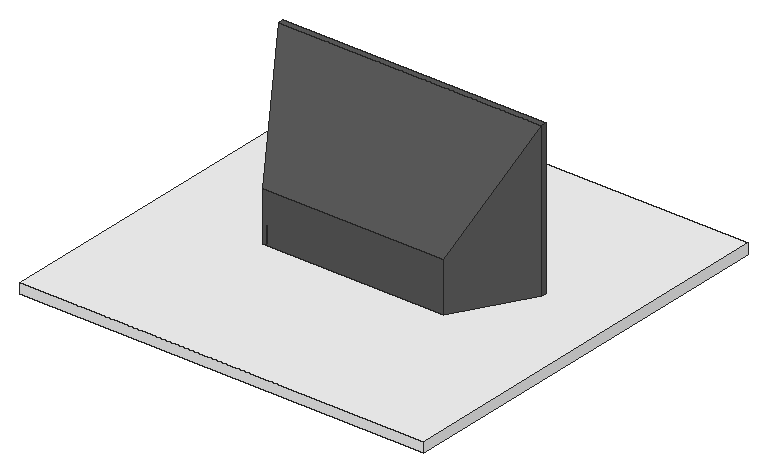
Revit family "BE_50200.5_de_DE", category Leuchten, Revit 2020
Family settings
  Basisbauteil = Fläche
  Bemaßung runder Anschluss = Durchmesser verwenden
  Teiletyp = Normal
  Beim Laden mit Abzugskörper schneiden = Ja
  Lichtquelle = Ja
  Gemeinsam genutzt = Nein
  Raumberechnungspunkt = Ja
Parameters (values of type "BEGA_50200.5_K27")
  built-in parameter 1150104 = 11.88 (stored number, unit not read)
  Wattage = 16.5 W
  Default Elevation = 0 mm
  built-in parameter 1150113 = 1 (stored number, unit not read)
  built-in parameter 1114218 = 1 (stored number, unit not read)
  Umgebungstemperatur = "25 °C"
  URL = "https://www.bega.com/de/produkt/50200.5"
  Typenkommentare = "© 2022 BEGA. Wir behalten uns das Recht vor, technische Änderungen ohne vorherige Ankündigung vorzunehmen."  # constant formula
  built-in parameter 1150134 = 12
  built-in parameter 1150109 = 1 (stored number, unit not read)
  Strom = ""
  built-in parameter 1150110 = 1 (stored number, unit not read)
  Spannung = 239.996 V
  Sonderanfertigung = no
  Seriennummer [instance] = "Hier können Sie die eindeutige Seriennummer für das Facility Management eintragen."
  Schutzklasse = "I"
  Schutzart = "IP 20"
  Scheinlast = 0 VA
  Produktdatenblatt = "https://cdn.bega.com/bega/products/50200.5K27/current/documents/data-sheets/de"
  Oberflächentemperatur = ""
  Neigungswinkel = 0.00°
  Modell = "50200.5K27"
  Material_35 = BEGA_Oberfläche_Samtschwarz_matt
  Material_17 = BEGA_Reflektor
  Material_15 = BEGA_Leuchtmedium_matt
  Material_11 = BEGA_Glas_opal
  Material_09 = BEGA_Glas_klar
  Material_06 = BEGA_Oberfläche_Edelstahl_gebürstet
  Material_03 = BEGA_Oberfläche_Weiss_matt
  Material_02 = BEGA_Oberfläche_Silber_matt
  Material_01 [instance] = BEGA_Oberfläche_Grafit_matt
  M_W = no
  M_G = no
  M_A = no
  Logo = 0
  built-in parameter 1114217 = 1 (stored number, unit not read)
  built-in parameter 1150139 = (empty or 0)
  built-in parameter 1150105 = 167.91 (stored number, unit not read)
  built-in parameter 1150114 = 1 (stored number, unit not read)
  Lumens = 2110.02 lm
  built-in parameter 1150115 = 1 (stored number, unit not read)
  Leuchtenlichtstrom = "1995 lm"
  Leuchtenanzahl = ""
  Lebensdauerkriterien = "L70B50 @ 25 °C = 175000 h"
  Lastklassifizierung = Beleuchtung
  built-in parameter 1150112 = 1 (stored number, unit not read)
  Lampenlichtstrom = "2360 lm"
  Lampe = "LED 16.2 W"
  LED_Modulbezeichnung = "LED-0590/927"
  Hersteller = "BEGA"  # constant formula
  Halbstreuwinkel = ""
  Gewicht = "1.7 kg"
  Gebrauchslageneinschränkung [instance] = ""
  Frequenz = "0/50-60 Hz"
  Farbwiedergabeindex = "CRI > 90"
  Farbtemperaturverschiebung bei Dämpfen der Lampe = <Keine Auswahl>
  Farbtemperatur = "2700 K"
  Color Filter = 16777215
  built-in parameter 1150133 = 10 (stored number, unit not read)
  Energieeffizienzklasse = "LED A++ - A"
  built-in parameter 1150137 = (empty or 0)
  built-in parameter 1150132 = (empty or 0)
  ENEC = "ja"
  Dimmbar [instance] = "DALI"
  Datei für fotometrisches Netz = "BE_50200.5K27.IES"
  CE_Konformität = "ja"
  Bestellnummer = "50200.5K27"
  Beschreibung_Sonderanfertigung = "Hier können Sie Informationen zur Sonderanfertigung eintragen."
  Beschreibung = "Wandfluter"
  built-in parameter 1150106 = 1.6791 (stored number, unit not read)
  Befestigungsbohrung = "Ø 4,5 mm"
  Befestigungsabstand = "190 mm"
  Ballwurfsicher = ""
  BEGA_Intern_aus = yes
  BEGA_Intern_an = yes
  BEGA_Intern_Konstruktion = yes
  BEGA_Intern = yes
  BEGA_IES = yes
  BEGA_Dummy = no
  Anschlussleitung = ""
  Anschlussleistung [instance] = "19.1 W"
  Anschlusskasten = ""
  built-in parameter 1150107 = 4000 (stored number, unit not read)
  built-in parameter 1150102 = (empty or 0)
  built-in parameter 1150138 = (empty or 0)
  Aktualisierung = "2022-05-19T04:00:07"
  Abstand_zur_angestrahlten_Fläche [instance] = ""
  AC/DC = "AC/DC"
Types (3, lengths in mm): name | built-in parameter 1150104 | built-in parameter 1150134 | Modell | built-in parameter 1150105 | Lumens | Leuchtenlichtstrom | Lampenlichtstrom | LED_Modulbezeichnung | Farbtemperatur | Datei für fotometrisches Netz | Bestellnummer | built-in parameter 1150106 | built-in parameter 1150107
  BEGA_50200.5_K4 | 11.88 (stored number, unit not read) | 12 | "50200.5K4" | 167.91 (stored number, unit not read) | 2110.02 lm | "2148 lm" | "2540 lm" | "LED-0590/940" | "4000 K" | "BE_50200.5K4.IES" | "50200.5K4" | 1.6791 (stored number, unit not read) | 4000 (stored number, unit not read)
  BEGA_50200.5_K3 | 11.487 (stored number, unit not read) | (empty or 0) | "50200.5K3" | 162.34 (stored number, unit not read) | 2040.06 lm | "2063 lm" | "2440 lm" | "LED-0590/930" | "3000 K" | "BE_50200.5K3.IES" | "50200.5K3" | 1.6234 (stored number, unit not read) | 3000 (stored number, unit not read)
  BEGA_50200.5_K27 | 11.88 (stored number, unit not read) | 12 | "50200.5K27" | 167.91 (stored number, unit not read) | 2110.02 lm | "1995 lm" | "2360 lm" | "LED-0590/927" | "2700 K" | "BE_50200.5K27.IES" | "50200.5K27" | 1.6791 (stored number, unit not read) | 4000 (stored number, unit not read)
Reference planes
  plane 1 "Mitte (Vorne/Hinten)": y = 0
  plane 2: z = 0
  plane 3 "Mitte (Links/Rechts)": x = 0
  plane 4 "Links": x = -129.913
  plane 5 "Rechts": x = 129.913
  plane 6 "Unten": y = -38
  plane 7 "Oben": y = 39.8
  plane 8 "Vorne": z = 152.913
  plane 9 "Hinten": z = 0
Forms (mm)
  Extrusion 1, solid, material "BEGA_Platte_Weiss"
    sketch origin (0, -1119.2, 0) x (1, 0, 0) y (0, 1, 0)
      loop
        line (-200, 1319.2) -> (-200, 919.2) -> (200, 919.2) -> (200, 1319.2) -> (-200, 1319.2)
    from 0 to -10
  Extrusion 2, solid, material "BEGA_Dummy_matt", visible <- "BEGA_Dummy"
    sketch origin (80.095, -76.023, 0) x (1, 0, 0) y (0, 1, 0)
      loop
        line (-210.008, 115.823) -> (-210.008, 38.023) -> (49.817, 38.023) -> (49.817, 115.823) -> (-210.008, 115.823)
    from 0 to 152.913
Dimensions and locks
  plane 1 "Mitte (Vorne/Hinten)" to Extrusion 1 = 200 mm
  aligned and locked: plane 2 to Extrusion 1
  aligned and locked: level to Extrusion 1
Nested families
  nested 1: "BE_50200.5" at (0, 0, 0), type "BE_50200.5"
Connectors
  electrical at (0, 0, 0), driven by "Lastklassifizierung", driven by "Spannung", driven by "Scheinlast"
    settings: index 1, voltage 239.996 V, apparent load 0 VA, apparent load phase1 0 VA, apparent load phase2 0 VA, apparent load phase3 0 VA, power factor 1, load classification "Beleuchtung", number of poles 1, system type 31, power factor state 1, is connector primary yes, connector utility no, sub classification motor no, connector description ""
Definition of nested family "BE_50200.5"
  Parameters (values of type "BE_50200.5")
    Default Elevation = 1 mm
    URL = "http://www.bega.de/de/produkt"
    Type Comments = "© 2015 BEGA. Wir behalten uns das Recht vor, technische Änderungen ohne vorherige Ankündigung vorzunehmen. "  # constant formula
    Type Image = (empty or 0)
    Neigungswinkel_um_Z2 = 0.00°
    Neigungswinkel_um_Z1 = 0.00°
    Neigungswinkel_um_Y2 = 0.00°
    Neigungswinkel_um_Y1 = 0.00°
    Neigungswinkel_um_X2 = 0.00°
    Neigungswinkel_um_X1 = 0.00°
    Material_35 = none
    Material_17 = none
    Material_15 = none
    Material_11 = none
    Material_09 = none
    Material_06 = none
    Material_05 = none
    Material_03 = none
    Material_02 = none
    Material_01 = none
    M_W = yes
    M_G = yes
    M_A = yes
    Länge_Platte = 400 mm  # constant formula
    Höhe_Platte = -10 mm  # constant formula
    Manufacturer = "BEGA"  # constant formula
    Drehwinkel_um_Z2 = 0.00°
    Drehwinkel_um_Z1 = 0.00°
    Breite_Platte = 200 mm  # constant formula
  Reference planes
    plane 1 "Mitte (Oben/Unten)": y = 0
    plane 2: z = 0
    plane 3 "Mitte (Links/Rechts)": x = 0
    plane 4: x = -129.913
    plane 5: x = 129.913
    plane 6: z = 152.913
    plane 7: y = -38
    plane 8: y = 39.8
  Forms (mm)
    Extrusion 1, solid, detail levels medium
      sketch origin (0, 0, 0) x (1, 0, 0) y (0, 1, 0)
        loop
          line (-200, 100) -> (-200, -100) -> (200, -100) -> (200, 100) -> (-200, 100)
      from 0 to -10 <- "Höhe_Platte"
    Extrusion 2, solid, material <- "Material_35", detail levels medium+fine
      sketch origin (0, 0, 0) x (0, 1, 0) y (0, 0, 1)
        loop
          line (-38, 2) -> (38, 2) -> (38, 152.913) -> (33.061, 152.913) -> (-38, 50.56) -> (-38, 2)
      from -129.913 to 129.913
    Extrusion 3, void
      sketch origin (0, 0, 0) x (1, 0, 0) y (0, 1, 0)
        loop
          line (-133.346, 39.188) -> (-133.346, -41.243) -> (-87.586, -41.243) -> (-133.346, 39.188)
        loop
          line (133.346, 39.188) -> (87.586, -41.243) -> (133.346, -41.243) -> (133.346, 39.188)
      from 0 to 155.937
    Blend 4, void
      base sketch origin (0, -36.301, 2) x (0, -1, 0) y (1, 0, 0)
        loop
          line (-0.439, -79.142) -> (-0.439, 79.142) -> (-70.439, 118.968) -> (-70.439, -118.968) -> (-0.439, -79.142)
      top sketch origin (0, 35.5, 152.913) x (0, -1, 0) y (1, 0, 0)
        loop
          line (9.992, -117.578) -> (9.992, 117.578) -> (1.362, 117.578) -> (1.362, -117.578) -> (9.992, -117.578)
      from 0 to -12.516
    Extrusion 5, solid, material <- "Material_35", detail levels medium+fine
      sketch origin (0, 0, 0) x (1, 0, 0) y (0, 1, 0)
        loop
          line (-85.604, -33.242) -> (85.604, -33.242) -> (122.064, 30.842) -> (-122.064, 30.842) -> (-85.604, -33.242)
        loop
          line (-84.092, -30.642) -> (84.092, -30.642) -> (117.593, 28.242) -> (-117.593, 28.242) -> (-84.092, -30.642)
      from 0 to 36.849
    Extrusion 6, solid, material <- "Material_35", detail levels medium+fine
      sketch origin (0, 0, 0) x (1, 0, 0) y (0, 1, 0)
        loop
          line (-87.084, -30.642) -> (84.092, -30.642) -> (117.593, 28.242) -> (-120.584, 28.242) -> (-87.084, -30.642)
      from 8 to 11
    Extrusion 7, void
      sketch origin (0, 0, 0) x (0, 1, 0) y (0, 0, 1)
        loop
          line (32.601, 151) -> (32.601, 40.129) -> (38.951, 40.129) -> (38.951, 151) -> (32.601, 151)
      from -127.703 to 127.391
    Extrusion 8, solid, material <- "Material_17", detail levels medium+fine
      sketch origin (0, 0, 0) x (0, 1, 0) y (0, 0, 1)
        loop
          line (33.8, 53.994) -> (18.318, 59.631) -> (33.6, 138.286) -> (33.6, 145.996) -> (32.778, 145.996) -> (32.778, 137.967) -> (17.453, 59.147) -> (33, 53.489) -> (33, 45.695) -> (33.8, 45.695) -> (33.8, 53.994)
      from -117.578 to 117.578
    Extrusion 9, solid, material <- "Material_15", detail levels medium+fine
      sketch origin (0, 0, 0) x (1, 0, 0) y (0, 0, 1)
        loop
          line (27.973, 90.445) -> (27.973, 101.445) -> (-28.08, 101.445) -> (-28.08, 90.445) -> (27.973, 90.445)
      from -10.824 to -9.8
    Extrusion 10, solid, material <- "Material_09", detail levels medium+fine
      sketch origin (0, 0, 0) x (0, 1, 0) y (0, 0, 1)
        loop
          line (33.8, 40.129) -> (39.8, 40.129) -> (39.8, 150.85) -> (33.8, 150.85) -> (33.8, 40.129)
      from -127.703 to 127.391
    Extrusion 11, solid, material <- "Material_35", detail levels medium+fine
      sketch origin (0, 0, 0) x (0, 1, 0) y (0, 0, 1)
        loop
          line (33.8, 45.695) -> (29.088, 45.695) -> (29.088, 35.573) -> (33.8, 35.573) -> (33.8, 45.695)
      from -127.517 to 127.391
    Extrusion 12, void
      sketch origin (0, 0, 0) x (1, 0, 0) y (0, 1, 0)
        loop
          circle (-95, -4.4) r 2.75
        loop
          circle (95, -4.4) r 2.75
        loop
          circle (-70, 13.6) r 8.5
        loop
          circle (-70, -13.4) r 8.5
      from 0 to 15
    Extrusion 13, void
      sketch origin (0, -36.301, 2) x (0, -1, 0) y (1, 0, 0)
        loop
          line (-0.425, 78.067) -> (-0.425, 86.66) -> (-70.439, 126.494) -> (-70.439, 117.901) -> (-0.425, 78.067)
      from 0 to 22.216
    Extrusion 14, void
      sketch origin (0, -36.301, 2) x (0, -1, 0) y (1, 0, 0)
        loop
          line (-0.425, -78.067) -> (-70.439, -117.901) -> (-70.439, -126.494) -> (-0.425, -86.66) -> (-0.425, -78.067)
      from 0 to 22.216
    Extrusion 15, void
      sketch origin (0, 0, 0) x (1, 0, 0) y (0, 0, 1)
        loop
          line (-100.787, 28.5) -> (-100.787, 26.5)
          arc (-100.787, 26.5) -> (-97.613, 23.326) -> (-94.438, 26.5) r 3.174
          line (-94.438, 26.5) -> (-94.438, 28.5)
          arc (-94.438, 28.5) -> (-97.613, 31.674) -> (-100.787, 28.5) r 3.174
        loop
          arc (100.787, 28.5) -> (97.613, 31.674) -> (94.438, 28.5) r 3.174
          line (94.438, 28.5) -> (94.438, 26.5)
          arc (94.438, 26.5) -> (97.613, 23.326) -> (100.787, 26.5) r 3.174
          line (100.787, 26.5) -> (100.787, 28.5)
      from -38.951 to -27.699
    Extrusion 16, solid, material <- "Material_17", detail levels medium+fine
      sketch origin (2.039, 8.542, 0) x (0.996778, 0.080212, 0) y (-0.080212, 0.996778, 0)
        loop
          line (-9.666, 6.894) -> (-117.275, 34.79) -> (-117.522, 33.837) -> (-9.904, 5.94) -> (-9.666, 6.894)
      from 52.545 to 138.286
    Extrusion 17, solid, material <- "Material_17", detail levels medium+fine
      sketch origin (-2.039, 8.542, 0) x (-0.996778, 0.080212, 0) y (-0.080212, -0.996778, 0)
        loop
          line (-9.666, -6.894) -> (-9.904, -5.94) -> (-117.476, -33.825) -> (-117.229, -34.778) -> (-9.666, -6.894)
      from 52.545 to 138.286
    Extrusion 18, solid, material <- "Material_17", detail levels medium+fine
      sketch origin (-2.039, 8.542, 0) x (-0.996778, 0.080212, 0) y (-0.080212, -0.996778, 0)
        loop
          line (-9.666, -6.894) -> (-9.904, -5.94) -> (-117.522, -33.837) -> (-117.275, -34.79) -> (-9.666, -6.894)
      from 52.545 to 138.286
    Extrusion 19, void
      sketch origin (0, 0, 0) x (0, 1, 0) y (0, 0, 1)
        loop
          line (18.092, 58.592) -> (31.76, 53.618) -> (31.76, 55.33) -> (18.56, 59.876) -> (18.092, 58.592)
      from -28.08 to 27.973
    Extrusion 20, solid, material <- "Material_15", detail levels medium+fine
      sketch origin (0, 0, 0) x (0, 1, 0) y (0, 0, 1)
        loop
          line (18.345, 58.522) -> (18.032, 57.663) -> (30.343, 53.424) -> (30.655, 54.283) -> (18.345, 58.522)
      from -27.678 to 27.575
    Extrusion 21, void
      sketch origin (0, 0, 0) x (0, 1, 0) y (0, 0, 1)
        loop
          line (26.389, 140.604) -> (11.162, 140.604) -> (11.162, 118.67) -> (26.389, 140.604)
      from -94.438 to 122.064
  Cuts and joins
    Extrusion 3, Blend 4, Extrusion 7, Extrusion 13, Extrusion 14, Extrusion 15 cuts Extrusion 2
    Extrusion 14, Extrusion 15, Extrusion 21 cuts Extrusion 11
    joined: Extrusion 2, Extrusion 11
    Extrusion 12, Extrusion 14, Extrusion 15 cuts Extrusion 5
    Extrusion 12, Extrusion 15 cuts Extrusion 6
    joined: Extrusion 5, Extrusion 6
    Extrusion 3, Extrusion 12, Extrusion 19, Extrusion 21 cuts Extrusion 8
    Extrusion 21 cuts Extrusion 16
    Extrusion 21 cuts Extrusion 17
    Extrusion 21 cuts Extrusion 18
    joined: Extrusion 8, Extrusion 16, Extrusion 17, Extrusion 18
  Dimensions and locks
    equal spacing: Extrusion 1 sketch curve, plane 3 "Mitte (Links/Rechts)", Extrusion 1 sketch curve
    equal spacing: Extrusion 1 sketch curve, plane 1 "Mitte (Oben/Unten)", Extrusion 1 sketch curve
    "Länge_Platte": Extrusion 1 sketch curve to Extrusion 1 sketch curve
    "Breite_Platte": Extrusion 1 sketch curve to Extrusion 1 sketch curve
    aligned and locked: plane 2 to Extrusion 1
    aligned and locked: level to Extrusion 1
  Automatic sketch dimensions
    Extrusion 2 sketch curve to plane 7 = 0 mm
    Extrusion 2 sketch curve to plane 6 = 0 mm
    Extrusion 2 sketch curve to plane 8 = 6.739 mm
    Extrusion 2 sketch curve to plane 8 = 1.8 mm
    level to Extrusion 2 sketch curve = 50.56 mm
    level to Extrusion 2 sketch curve = 2 mm
    Extrusion 3 sketch curve to plane 4 = 3.433 mm
    Extrusion 3 sketch curve to plane 7 = 3.243 mm  (x2)
    plane 4 to Extrusion 3 sketch curve = 42.327 mm
    plane 5 to Extrusion 3 sketch curve = 42.327 mm
    Extrusion 3 sketch curve to plane 5 = 3.433 mm
    Extrusion 3 sketch curve to plane 8 = 0.612 mm  (x2)
    Extrusion 2 to Blend 4 sketch curve = 3.862 mm
    Blend 4 sketch curve to Extrusion 2 = 2.138 mm
    Blend 4 sketch curve to Extrusion 2 = 10.945 mm  (x2)
    Blend 4 sketch curve to Extrusion 2 = 50.77 mm  (x2)
    Blend 4 sketch curve to Extrusion 2 = 1.077 mm
    Extrusion 2 to Blend 4 sketch curve = 7.553 mm
    Extrusion 2 to Blend 4 sketch curve = 12.335 mm  (x2)
    plane 4 to Extrusion 5 sketch curve = 7.849 mm
    Extrusion 5 sketch curve to Extrusion 5 sketch curve = 4.471 mm  (x2)
    plane 7 to Extrusion 5 sketch curve = 4.758 mm
    plane 4 to Extrusion 5 sketch curve = 44.308 mm
    Extrusion 5 sketch curve to Extrusion 5 sketch curve = 1.512 mm  (x2)
    plane 7 to Extrusion 5 sketch curve = 7.358 mm
    plane 5 to Extrusion 5 sketch curve = 45.82 mm
    plane 5 to Extrusion 5 sketch curve = 12.32 mm
    Extrusion 5 sketch curve to plane 8 = 11.558 mm
    Extrusion 5 sketch curve to Extrusion 5 sketch curve = 2.6 mm
    plane 4 to Extrusion 6 sketch curve = 9.328 mm
    plane 7 to Extrusion 6 sketch curve = 7.358 mm
    plane 4 to Extrusion 6 sketch curve = 42.829 mm
    plane 5 to Extrusion 6 sketch curve = 45.82 mm
    plane 5 to Extrusion 6 sketch curve = 12.32 mm
    Extrusion 6 sketch curve to plane 8 = 11.558 mm
    Extrusion 7 sketch curve to plane 8 = 7.199 mm
    Extrusion 7 sketch curve to plane 8 = 0.849 mm
    level to Extrusion 7 sketch curve = 40.129 mm
    Extrusion 7 sketch curve to plane 6 = 1.913 mm
    Extrusion 8 sketch curve to plane 1 "Mitte (Oben/Unten)" = 17.453 mm
    Extrusion 8 sketch curve to Extrusion 8 sketch curve = 0.865 mm
    Extrusion 8 sketch curve to plane 8 = 7.022 mm
    Extrusion 8 sketch curve to plane 8 = 6.8 mm
    Extrusion 8 sketch curve to Extrusion 8 sketch curve = 0.822 mm
    Extrusion 8 sketch curve to Extrusion 8 sketch curve = 0.8 mm
    level to Extrusion 8 sketch curve = 45.695 mm
    Extrusion 8 sketch curve to Extrusion 8 sketch curve = 7.793 mm
    Extrusion 8 sketch curve to Extrusion 8 sketch curve = 0.506 mm
    Extrusion 8 sketch curve to Extrusion 8 sketch curve = 5.659 mm
    Extrusion 8 sketch curve to Extrusion 8 sketch curve = 0.483 mm
    Extrusion 8 sketch curve to plane 6 = 14.946 mm
    Extrusion 8 sketch curve to Extrusion 8 sketch curve = 0.319 mm
    Extrusion 8 sketch curve to plane 6 = 6.917 mm
    Extrusion 9 sketch curve to plane 3 "Mitte (Links/Rechts)" = 28.08 mm
    plane 3 "Mitte (Links/Rechts)" to Extrusion 9 sketch curve = 27.973 mm
    Extrusion 9 sketch curve to plane 6 = 62.467 mm
    Extrusion 9 sketch curve to Extrusion 9 sketch curve = 11 mm
    Extrusion 10 sketch curve to plane 8 = 0 mm
    Extrusion 10 sketch curve to Extrusion 10 sketch curve = 6 mm
    level to Extrusion 10 sketch curve = 40.129 mm
    Extrusion 10 sketch curve to plane 6 = 2.063 mm
    Extrusion 11 sketch curve to plane 8 = 10.712 mm
    Extrusion 11 sketch curve to Extrusion 11 sketch curve = 4.712 mm
    level to Extrusion 11 sketch curve = 35.573 mm
    Extrusion 11 sketch curve to Extrusion 11 sketch curve = 10.122 mm
    plane 1 "Mitte (Oben/Unten)" to Extrusion 12 sketch curve = 4.4 mm  (x2)
    plane 4 to Extrusion 12 sketch curve = 34.913 mm
    Extrusion 12 sketch curve to plane 1 "Mitte (Oben/Unten)" = 13.6 mm
    Extrusion 12 sketch curve to Extrusion 12 sketch curve = 25 mm  (x2)
    plane 5 to Extrusion 12 sketch curve = 34.913 mm
    plane 1 "Mitte (Oben/Unten)" to Extrusion 12 sketch curve = 13.4 mm
    Extrusion 2 to Extrusion 13 sketch curve = 3.862 mm
    Extrusion 13 sketch curve to Extrusion 2 = 2.123 mm
    Extrusion 13 sketch curve to Extrusion 2 = 51.846 mm
    Extrusion 13 sketch curve to Extrusion 13 sketch curve = 8.593 mm
    Extrusion 13 sketch curve to Extrusion 2 = 12.012 mm
    Extrusion 13 sketch curve to Extrusion 2 = 3.419 mm
    Extrusion 2 to Extrusion 14 sketch curve = 3.862 mm
    Extrusion 14 sketch curve to Extrusion 2 = 2.123 mm
    Extrusion 14 sketch curve to Extrusion 2 = 3.419 mm
    Extrusion 14 sketch curve to Extrusion 14 sketch curve = 8.593 mm  (x2)
    Extrusion 14 sketch curve to Extrusion 2 = 43.253 mm
    plane 4 to Extrusion 15 sketch curve = 29.126 mm
    Extrusion 15 sketch curve to Extrusion 15 sketch curve = 3.174 mm  (x2)
    plane 5 to Extrusion 15 sketch curve = 35.474 mm
    level to Extrusion 15 sketch curve = 26.5 mm  (x2)
    Extrusion 15 sketch curve to Extrusion 15 sketch curve = 2 mm  (x2)
    Extrusion 16 sketch curve to plane 8 = 6.957 mm
    plane 4 to Extrusion 16 sketch curve = 12.095 mm
    Extrusion 16 sketch curve to Extrusion 16 sketch curve = 0.247 mm
    Extrusion 16 sketch curve to Extrusion 16 sketch curve = 107.618 mm
    Extrusion 16 sketch curve to Extrusion 16 sketch curve = 0.238 mm
    Extrusion 16 sketch curve to Extrusion 16 sketch curve = 26.943 mm
    plane 8 to Extrusion 17 sketch curve = 6.965 mm
    Extrusion 17 sketch curve to plane 5 = 12.142 mm
    Extrusion 17 sketch curve to Extrusion 17 sketch curve = 0.247 mm
    Extrusion 17 sketch curve to Extrusion 17 sketch curve = 107.572 mm
    Extrusion 17 sketch curve to Extrusion 17 sketch curve = 0.238 mm
    Extrusion 17 sketch curve to Extrusion 17 sketch curve = 26.931 mm
    plane 8 to Extrusion 18 sketch curve = 6.957 mm
    Extrusion 18 sketch curve to plane 5 = 12.095 mm
    Extrusion 18 sketch curve to Extrusion 18 sketch curve = 0.247 mm
    Extrusion 18 sketch curve to Extrusion 18 sketch curve = 107.618 mm
    Extrusion 18 sketch curve to Extrusion 18 sketch curve = 0.238 mm
    Extrusion 18 sketch curve to Extrusion 18 sketch curve = 26.943 mm
    Extrusion 19 sketch curve to plane 1 "Mitte (Oben/Unten)" = 18.092 mm
    Extrusion 19 sketch curve to Extrusion 19 sketch curve = 0.467 mm
    Extrusion 19 sketch curve to plane 8 = 8.04 mm
    level to Extrusion 19 sketch curve = 53.618 mm
    Extrusion 19 sketch curve to Extrusion 19 sketch curve = 1.713 mm
    Extrusion 19 sketch curve to Extrusion 19 sketch curve = 3.262 mm
    level to Extrusion 20 sketch curve = 58.522 mm
    Extrusion 20 sketch curve to Extrusion 20 sketch curve = 0.313 mm  (x2)
    Extrusion 20 sketch curve to Extrusion 20 sketch curve = 12.311 mm
    Extrusion 20 sketch curve to plane 8 = 9.457 mm
    Extrusion 20 sketch curve to Extrusion 20 sketch curve = 0.859 mm  (x2)
    Extrusion 20 sketch curve to Extrusion 20 sketch curve = 4.239 mm
    Extrusion 21 sketch curve to plane 1 "Mitte (Oben/Unten)" = 11.162 mm
    Extrusion 21 sketch curve to plane 8 = 13.411 mm
    Extrusion 21 sketch curve to plane 6 = 34.242 mm
    Extrusion 21 sketch curve to plane 6 = 12.309 mm
    radius of Extrusion 12 sketch curve = 2.75 mm  (x2)
    radius of Extrusion 12 sketch curve = 8.5 mm  (x2)
